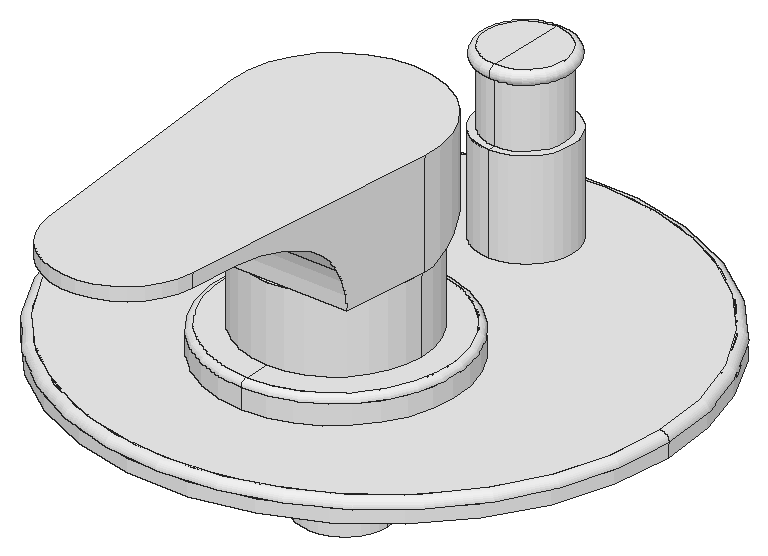
Revit family "Mixer-Bath Shower-Dorf Viridian with Diverter-Round Plate1", category Plumbing Fixtures, host Face, Revit 2014
Parameters (values of type "Standard")
  Width_ANZRS = 132 mm  # constant formula
  Waste Connection = no
  Vent Connection = no
  URL = "http://specify.caroma.com.au/"
  Type Comments = "Dorf Viridian Bath/Shower Mixer with Diverter - Round Plate"  # constant formula
  ModifiedIssue_ANZRS = 20150421.01  # constant formula
  Model = "811023C"  # constant formula
  Material_ANZRS = Metal-Chrome-Caroma
  Manufacturer = "GWA Bathrooms & Kitchens"  # constant formula
  Length_ANZRS = 132 mm  # constant formula
  Height_ANZRS = 55 mm  # constant formula
  HWFU = 2
  HW Connection = yes
  Description = "The Dorf Viridian range delivers clean lines and smooth surfaces with modern fittings that will stand the test of time"  # constant formula
  Default Elevation = 1000 mm
  CreatedBy_ANZRS = "Design Content"  # constant formula
  CreatedByURL_ANZRS = "http://www.designcontent.com.au"
  Cost = 0
  Connector Radius = 10 mm
  CWFU = 2
  CW Connection = yes
  Assembly Code = "D2020300"
Reference planes
  plane 1 "Center (Front/Back)": y = 0
  plane 2: z = 0
  plane 3 "Center (Left/Right)": x = 0
Forms (mm)
  Extrusion 1, solid, material "Metal-Chrome-Caroma" <- "Material_ANZRS"
    sketch origin (17.071, -2.929, 0) x (1, 0, 0) y (0, 1, 0)
      loop
        circle (-7.071, -7.071) r 10
    from -20 to 0
  Extrusion 2, solid, material "Metal-Chrome-Caroma" <- "Material_ANZRS"
    sketch origin (-17.071, -17.071, 0) x (-1, 0, 0) y (0, -1, 0)
      loop
        circle (-7.071, -7.071) r 10
    from -20 to 0
  Extrusion 3, solid, material "Metal-Chrome-Caroma"
    sketch origin (0, 0, 0) x (1, 0, 0) y (0, 1, 0)
      loop
        circle (0, 0) r 20
    from 11 to 28.118
  Extrusion 4, solid, material "Metal-Chrome-Caroma"
    sketch origin (0, 0, -92.5) x (1, 0, 0) y (0, 1, 0)
      loop
        arc (-16.671, -62.37) -> (0, -77.531) -> (16.671, -62.37) r 16.746
        line (16.671, -62.37) -> (22.401, -2.131)
        arc (22.401, -2.131) -> (0, 22.502) -> (-22.401, -2.131) r 22.502
        line (-22.401, -2.131) -> (-16.671, -62.37)
    from 122.955 to 147.01
  Extrusion 5, void
    sketch origin (0, 0, -92.5) x (0, 1, 0) y (0, 0, 1)
      loop
        line (-81.813, 143.988) -> (-81.813, 120.502) -> (23.699, 120.502) -> (23.699, 132.824) -> (-2.325, 122.044) -> (-22.518, 122.044) -> (-22.518, 122.955)
        arc (-22.518, 122.955) -> (-23.182, 127.89) -> (-25.127, 132.473) r 18.667
        arc (-25.127, 132.473) -> (-28.218, 136.384) -> (-32.234, 139.336) r 18.667
        arc (-32.234, 139.336) -> (-41.472, 142.915) -> (-51.32, 143.988) r 38.061
        line (-51.32, 143.988) -> (-81.813, 143.988)
    from -100 to 100
  Revolve 6, solid, material "Metal-Chrome-Caroma"
    sketch origin (0, 0, -92.5) x (0, 1, 0) y (0, 0, 1)
      loop
        line (0, 120) -> (18.877, 120)
        arc (18.877, 120) -> (17.563, 125.206) -> (14.845, 129.837) r 19
        line (14.845, 129.837) -> (0, 129.837) -> (0, 120)
      axis (0, 129.837) -> (0, 120)
    angle from 0 to 360
  Sweep 7, solid, material "Metal-Chrome-Caroma"
    path origin (0, 0, 0) x (1, 0, 0) y (0, 1, 0)
      loop
        circle (0, 14) r 64
    profile origin (0, 78, 0) x (0, -1, 0) y (0, 0, 1)
      loop
        line (-2, 0) -> (0, 0) -> (0, 5)
        arc (0, 5) -> (-1.414, 4.414) -> (-2, 3) r 2
        line (-2, 3) -> (-2, 0)
  Extrusion 8, solid, material "Metal-Chrome-Caroma"
    sketch origin (0, 0, 0) x (1, 0, 0) y (0, 1, 0)
      loop
        circle (0, 14) r 64
    from 0 to 5
  Revolve 9, solid, material "Metal-Chrome-Caroma"
    sketch origin (0, 0, 0) x (0, 1, 0) y (0, 0, 1)
      loop
        line (55, 0) -> (65.75, 0) -> (65.75, 27.5) -> (64, 27.5) -> (64, 41.5)
        arc (64, 41.5) -> (65.5, 43) -> (64, 44.5) r 1.5
        line (64, 44.5) -> (55, 44.5) -> (55, 0)
      axis (55, 44.5) -> (55, 0)
    angle from 0 to 360
  Extrusion 10, solid, material "Metal-Chrome-Caroma" <- "Material_ANZRS"
    sketch origin (-17.071, 2.929, 0) x (-1, 0, 0) y (0, -1, 0)
      loop
        circle (-7.071, -7.071) r 10
    from -20 to 0
  Extrusion 11, solid, material "Metal-Chrome-Caroma" <- "Material_ANZRS"
    sketch origin (2.929, 2.929, 0) x (-1, 0, 0) y (0, -1, 0)
      loop
        circle (-7.071, -7.071) r 10
    from -20 to 0
  Revolve 12, solid, material "Metal-Chrome-Caroma"
    sketch origin (0, 0, 0) x (0, 1, 0) y (0, 0, 1)
      loop
        line (0, 5) -> (27.422, 5) -> (27.422, 9.539)
        arc (27.422, 9.539) -> (26.994, 10.572) -> (25.96, 11) r 1.461
        line (25.96, 11) -> (0, 11) -> (0, 5)
      axis (0, 11) -> (0, 5)
    angle from 0 to 360
Cuts and joins
  Extrusion 5 cuts Extrusion 4
  joined: Extrusion 3, Extrusion 4, Revolve 6, Sweep 7, Extrusion 8, Revolve 9, Revolve 12
Lines and regions (mm)
  Masking region 1
    outline origin (0, 0, 0) x (1, 0, 0) y (0, 1, 0)
      loop
        line (16.671, -62.37) -> (17.892, -49.528)
        arc (17.892, -49.528) -> (0, 80) -> (-17.892, -49.528) r 66
        line (-17.892, -49.528) -> (-16.671, -62.37)
        arc (-16.671, -62.37) -> (0, -77.531) -> (16.671, -62.37) r 16.746
  Masking region 2
    outline origin (0, 0, 0) x (0, 1, 0) y (0, 0, 1)
      loop
        line (-52.001, 0) -> (80.027, 0) -> (80.027, 3)
        arc (80.027, 3) -> (79.441, 4.414) -> (78.027, 5) r 2
        line (78.027, 5) -> (65.75, 5) -> (65.75, 27.5) -> (64, 27.5) -> (64, 41.5)
        arc (64, 41.5) -> (65.5, 43) -> (64, 44.5) r 1.5
        line (64, 44.5) -> (55, 44.5) -> (46, 44.5)
        arc (46, 44.5) -> (44.5, 43) -> (46, 41.5) r 1.5
        line (46, 41.5) -> (46, 27.5) -> (44.25, 27.5) -> (44.25, 5) -> (27.422, 5) -> (27.422, 9.527)
        arc (27.422, 9.527) -> (26.99, 10.569) -> (25.949, 11) r 1.473
        line (25.949, 11) -> (19.922, 11) -> (19.922, 28.118) -> (18.805, 28.118)
        arc (18.805, 28.118) -> (17.585, 32.699) -> (15.242, 36.821) r 18.525
        line (15.242, 36.821) -> (22.502, 39.828) -> (22.502, 54.51) -> (-77.531, 54.51) -> (-77.531, 51.488) -> (-51.32, 51.488)
        arc (-51.32, 51.488) -> (-41.472, 50.415) -> (-32.234, 46.836) r 38.061
        arc (-32.234, 46.836) -> (-28.218, 43.884) -> (-25.127, 39.973) r 18.667
        arc (-25.127, 39.973) -> (-23.182, 35.39) -> (-22.518, 30.455) r 18.667
        line (-22.518, 30.455) -> (-18.325, 30.455)
        arc (-18.325, 30.455) -> (-18.585, 29.292) -> (-18.791, 28.118) r 25.894
        line (-18.791, 28.118) -> (-19.922, 28.118) -> (-19.922, 11) -> (-25.953, 11)
        arc (-25.953, 11) -> (-26.992, 10.57) -> (-27.422, 9.532) r 1.468
        line (-27.422, 9.532) -> (-27.422, 5) -> (-50.001, 5)
        arc (-50.001, 5) -> (-51.415, 4.414) -> (-52.001, 3) r 2
        line (-52.001, 3) -> (-52.001, 0)
  Masking region 3
    outline origin (0, 0, 0) x (1, 0, 0) y (0, 0, 1)
      loop
        line (63.952, 5) -> (27.422, 5) -> (27.422, 9.531)
        arc (27.422, 9.531) -> (26.991, 10.57) -> (25.952, 11) r 1.469
        line (25.952, 11) -> (20, 11) -> (20, 28.118) -> (18.801, 28.118)
        arc (18.801, 28.118) -> (18.623, 29.302) -> (18.299, 30.455) r 9.623
        line (18.299, 30.455) -> (22.501, 30.455) -> (22.501, 54.51) -> (0, 54.51) -> (-22.501, 54.51) -> (-22.501, 30.455) -> (-18.299, 30.455)
        arc (-18.299, 30.455) -> (-18.623, 29.302) -> (-18.801, 28.118) r 9.623
        line (-18.801, 28.118) -> (-20, 28.118) -> (-20, 11) -> (-25.952, 11)
        arc (-25.952, 11) -> (-26.991, 10.57) -> (-27.422, 9.531) r 1.469
        line (-27.422, 9.531) -> (-27.422, 5) -> (-64.002, 5)
        arc (-64.002, 5) -> (-65.416, 4.414) -> (-66.002, 3) r 2
        line (-66.002, 3) -> (-66.002, 0) -> (65.952, 0) -> (65.952, 3)
        arc (65.952, 3) -> (65.366, 4.414) -> (63.952, 5) r 2
  Masking region 4
    outline origin (0, 0, 0) x (1, 0, 0) y (0, 0, 1)
      loop
        line (0, 44.5) -> (-9, 44.5)
        arc (-9, 44.5) -> (-10.5, 43) -> (-9, 41.5) r 1.5
        line (-9, 41.5) -> (-9, 27.5) -> (-10.75, 27.5) -> (-10.75, 5) -> (0, 5) -> (10.75, 5) -> (10.75, 27.5) -> (9, 27.5) -> (9, 41.5)
        arc (9, 41.5) -> (10.5, 43) -> (9, 44.5) r 1.5
        line (9, 44.5) -> (0, 44.5)
  symbolic lines, style "Taps/Mixers"
    curve 1: line (-22.401, -2.131, 0) -> (-16.671, -62.37, 0)
    curve 2: arc (22.401, -2.131, 0) -> (0, 22.502, 0) -> (-22.401, -2.131, 0) r 22.502
    curve 3: line (16.671, -62.37, 0) -> (22.401, -2.131, 0)
    curve 4: arc (-16.671, -62.37, 0) -> (0, -77.531, 0) -> (16.671, -62.37, 0) r 16.746
    curve 5: line (0, 65.75, 5) -> (0, -48, 5)
    curve 6: line (27.545, 0, 5) -> (-27.422, 0, 5)
    curve 7: line (0, 64, 27.5) -> (0, 46, 27.5)
    curve 8: line (0, 46, 41.5) -> (0, 64, 41.5)
    curve 9: circle (0, 55, 0) r 10.75 normal (0, 0, 1)
    curve 10: line (0, -18.325, 30.455) -> (0, -0.126, 30.455)
    curve 11: line (0, -0.126, 30.455) -> (0, 15.242, 36.821)
    curve 12: line (0, 18.805, 28.118) -> (0, -18.791, 28.118)
    curve 13: line (0, 19.922, 11) -> (0, -19.922, 11)
    curve 14: circle (0, 55, 0) r 9 normal (0, 0, 1)
    curve 15: arc (20.917, -17.733, 0) -> (0, 27.422, 0) -> (-20.917, -17.733, 0) r 27.422
    curve 16: line (20, 0, 11) -> (10.75, 0, 11)
    curve 17: line (-20, 0, 11) -> (-10.75, 0, 11)
    curve 18: line (-9, 0, 27.5) -> (9, 0, 27.5)
    curve 19: line (9, 0, 41.5) -> (-9, 0, 41.5)
    curve 20: line (18.801, 0, 28.118) -> (9, 0, 28.118)
    curve 21: line (-18.801, 0, 28.118) -> (-9, 0, 28.118)
    curve 22: spline (9, 0, 35.921) -> (10.259, 0, 35.625) -> (11.452, 0, 35.291) -> (12.571, 0, 34.922) -> (13.609, 0, 34.52) -> (14.559, 0, 34.087) -> (15.416, 0, 33.626) -> (16.174, 0, 33.141) -> (16.827, 0, 32.634) -> (17.372, 0, 32.108) -> (17.805, 0, 31.567) -> (18.123, 0, 31.015) -> (18.324, 0, 30.455)
    curve 23: arc (9, 0, 39.05) -> (13.537, 0, 37.977) -> (17.839, 0, 36.178) r 28.5
    curve 24: arc (17.839, 0, 36.178) -> (19.551, 0, 35.124) -> (21.089, 0, 33.828) r 13.588
    curve 25: arc (21.089, 0, 33.828) -> (22.137, 0, 32.285) -> (22.501, 0, 30.455) r 4.694
    curve 26: spline (-9, 0, 35.921) -> (-10.259, 0, 35.625) -> (-11.452, 0, 35.291) -> (-12.571, 0, 34.922) -> (-13.609, 0, 34.52) -> (-14.559, 0, 34.087) -> (-15.416, 0, 33.626) -> (-16.174, 0, 33.141) -> (-16.827, 0, 32.634) -> (-17.372, 0, 32.108) -> (-17.805, 0, 31.567) -> (-18.123, 0, 31.015) -> (-18.324, 0, 30.455)
    curve 27: arc (-9, 0, 39.05) -> (-13.537, 0, 37.977) -> (-17.839, 0, 36.178) r 28.5
    curve 28: arc (-17.839, 0, 36.178) -> (-19.551, 0, 35.124) -> (-21.089, 0, 33.828) r 13.588
    curve 29: arc (-21.089, 0, 33.828) -> (-22.137, 0, 32.285) -> (-22.501, 0, 30.455) r 4.694
Dimensions and locks
  aligned and locked: plane 2 to host face
  aligned and locked: level to host face
Connectors
  piping at (10, -10, -20), diameter 20, driven by "Connector Radius", driven by "CWFU"
    settings: on Extrusion 1, index 3, connector inside diameter 0.7874", connector length 0 mm, flow factor 0, pipe flow 0 GPM, pressure drop 0.00 psi, fitting loss kfactor 0, connector angle 0.00°, fixture units 2, engagement length 0 mm, angle of deflection 0.00°, flow configuration 3, flow direction 1, fitting loss method 101, system type 20, joint type 0, gender type 0, connector reference index -1, connector utility 0, adjustable connector no, is connector primary yes, connector description "Cold Inlet"
  piping at (-10, -10, -20), diameter 20, driven by "Connector Radius", driven by "HWFU"
    settings: on Extrusion 2, index 4, connector inside diameter 0.7874", connector length 0 mm, flow factor 0, pipe flow 0 GPM, pressure drop 0.00 psi, fitting loss kfactor 0, connector angle 0.00°, fixture units 2, engagement length 0 mm, angle of deflection 0.00°, flow configuration 3, flow direction 1, fitting loss method 101, system type 19, joint type 0, gender type 0, connector reference index -1, connector utility 0, adjustable connector no, is connector primary no, connector description "Hot Inlet"
  piping at (-10, 10, -20), diameter 20, driven by "Connector Radius", driven by "HWFU"
    settings: on Extrusion 10, index 5, connector inside diameter 0.7874", connector length 0 mm, flow factor 0, pipe flow 0 GPM, pressure drop 0.00 psi, fitting loss kfactor 0, connector angle 0.00°, fixture units 2, engagement length 0 mm, angle of deflection 0.00°, flow configuration 3, flow direction 2, fitting loss method 101, system type 19, joint type 0, gender type 0, connector reference index -1, connector utility 0, adjustable connector no, is connector primary no, connector description "Diverter Outlet"
  piping at (10, 10, -20), diameter 20, driven by "Connector Radius", driven by "HWFU"
    settings: on Extrusion 11, index 6, connector inside diameter 0.7874", connector length 0 mm, flow factor 0, pipe flow 0 GPM, pressure drop 0.00 psi, fitting loss kfactor 0, connector angle 0.00°, fixture units 2, engagement length 0 mm, angle of deflection 0.00°, flow configuration 3, flow direction 2, fitting loss method 101, system type 19, joint type 0, gender type 0, connector reference index -1, connector utility 0, adjustable connector no, is connector primary no, connector description "Bath Outlet"
